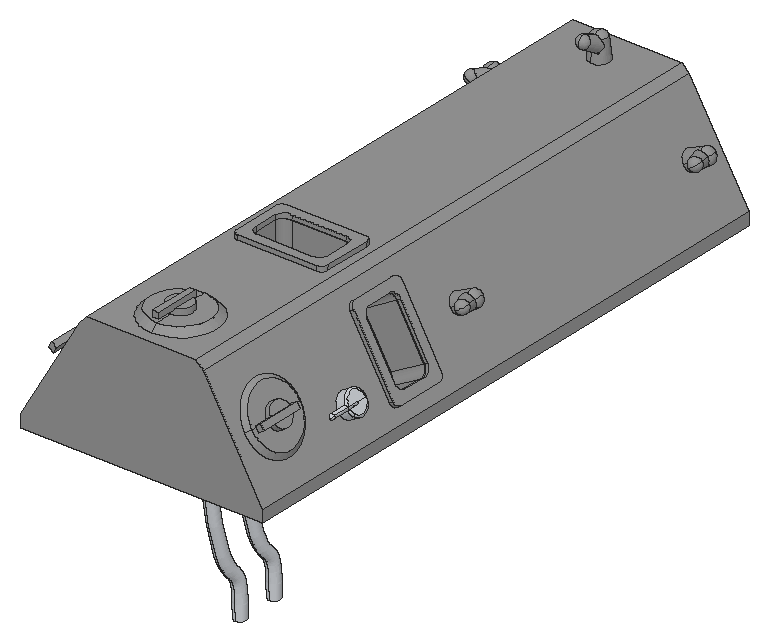
Revit family "3_Station_Surface_Shower-Willoughby-CWTS-HCA", category Plumbing Fixtures, Revit 2015
Parameters (values of type "Standard")
  Waste Connection = no
  Vent Connection = yes
  URL = "https://www.willoughby-ind.com/wp-content/uploads/2018/01/CWTS-HCA.pdf"
  Revision = "A"
  Model = "CWTS-HCA-R"
  Manufacturer = "Willoughby Industries"
  HW Connection = yes
  HCW DIA = 1/2"
  Fixture Body = Stainless Steel AISI 304-Willoughby
  Description = "Handicap Accessible 3 Station Surface Shower, Right Hand HCA Shower Station"
  Default Elevation = 0' - 0"
  Contact = "(800) 428-4065"
  CW Connection = yes
Reference planes (in)
  plane 1 "Center (Front/Back)": y = 0
  plane 2: z = 0
  plane 3 "Center (Left/Right)": x = 0
  plane 4 "Unit Left": x = -10
  plane 5 "Unit Right": x = 10
  plane 6: x = -4.5
  plane 7: x = 4.5
  plane 8: z = 9.5
  plane 9 "Shower HGT": y = 69.875
  plane 10 "Top Of Unit": y = 74.875
  plane 11 "Bottom Of Unit": y = 50.875
  plane 12: y = 54.875
  plane 13: y = 58.875
  plane 14: y = 98
  plane 15: y = 72
  plane 16: y = 98
  plane 17: through (7.54626, 0, 5.25) normal (-0.5, 0, 0.866)
  plane 18: through (-7.54626, 0, 5.25) normal (0.5, 0, 0.866)
  plane 19: y = 98
  plane 20: y = 74
Forms (in)
  Extrusion 1, solid, material "Stainless Steel AISI 304-Willoughby" <- "Fixture Body"
    sketch origin (0, 50.875, 0) x (-1, 0, 0) y (0, 0, 1)
      loop
        line (-10, 0) -> (10, 0) -> (10, 1) -> (5.09252, 9.5) -> (4.5, 10.09252) -> (-4.5, 10.09252) -> (-5.09252, 9.5) -> (-10, 1) -> (-10, 0)
    from 0 to 50
  Revolve 2, solid, material "Stainless Steel AISI 304-Willoughby" <- "Fixture Body"
    sketch origin (0, 28.5, 9.90502) x (0, 1, 0) y (0, 0, 1)
      loop
        line (69.5, 0.1875) -> (69.5, 2.28484)
        arc (69.5, 2.28484) -> (69.12162, 2.19469) -> (68.84934, 1.91689) r 0.70187
        line (68.84934, 1.91689) -> (68.69804, 0.1875) -> (69.5, 0.1875)
      axis (69.5, 2.28484) -> (69.5, 0.1875)
    angle from 0 to 360
  Revolve 3, solid, material "Stainless Steel AISI 304-Willoughby" <- "Fixture Body"
    sketch origin (0, 28.8908, 9.77874) x (0, 1, 0) y (0, 0, 1)
      loop
        line (68.86396, 0.80717) -> (69.21616, 1.37081) -> (67.06125, 2.46981)
        arc (67.06125, 2.46981) -> (67.03111, 2.08823) -> (67.27967, 1.79714) r 0.5
        line (67.27967, 1.79714) -> (68.86396, 0.80717)
      axis (69.21616, 1.37081) -> (67.06125, 2.46981)
    angle from 0 to 360
  Extrusion 4, solid, material "Stainless Steel AISI 304-Willoughby" <- "Fixture Body", detail levels medium+fine
    sketch origin (0, 11.375, 9.90502) x (1, 0, 0) y (0, 1, 0)
      loop
        arc (-3.75, 54) -> (-3.60355, 53.64645) -> (-3.25, 53.5) r 0.5
        line (-3.25, 53.5) -> (3.25, 53.5)
        arc (3.25, 53.5) -> (3.60355, 53.64645) -> (3.75, 54) r 0.5
        line (3.75, 54) -> (3.75, 58)
        arc (3.75, 58) -> (3.60355, 58.35355) -> (3.25, 58.5) r 0.5
        line (3.25, 58.5) -> (-3.25, 58.5)
        arc (-3.25, 58.5) -> (-3.60355, 58.35355) -> (-3.75, 58) r 0.5
        line (-3.75, 58) -> (-3.75, 54)
      loop
        arc (-3, 55) -> (-2.78033, 54.46967) -> (-2.25, 54.25) r 0.75
        line (-2.25, 54.25) -> (2.25, 54.25)
        arc (2.25, 54.25) -> (2.78033, 54.46967) -> (3, 55) r 0.75
        line (3, 55) -> (3, 57)
        arc (3, 57) -> (2.78033, 57.53033) -> (2.25, 57.75) r 0.75
        line (2.25, 57.75) -> (-2.25, 57.75)
        arc (-2.25, 57.75) -> (-2.78033, 57.53033) -> (-3, 57) r 0.75
        line (-3, 57) -> (-3, 55)
    from 0.1875 to 0.5625
  Extrusion 5, void
    sketch origin (0, 11.375, 9.90502) x (1, 0, 0) y (0, 1, 0)
      loop
        line (-3, 57) -> (-3, 55)
        arc (-3, 55) -> (-2.78033, 54.46967) -> (-2.25, 54.25) r 0.75
        line (-2.25, 54.25) -> (2.25, 54.25)
        arc (2.25, 54.25) -> (2.78033, 54.46967) -> (3, 55) r 0.75
        line (3, 55) -> (3, 57)
        arc (3, 57) -> (2.78033, 57.53033) -> (2.25, 57.75) r 0.75
        line (2.25, 57.75) -> (-2.25, 57.75)
        arc (-2.25, 57.75) -> (-2.78033, 57.53033) -> (-3, 57) r 0.75
    from 0.5625 to -3
  Revolve 6, solid, material "Stainless Steel AISI 304-Willoughby" <- "Fixture Body"
    sketch origin (0, -6.625, 0.59252) x (0, 1, 0) y (0, 0, 1)
      loop
        line (61.5, 9.5) -> (61.5, 10.5) -> (60.5, 10.5) -> (60.5, 10.03033) -> (59.03033, 10.03033) -> (58.5, 9.5) -> (61.5, 9.5)
      axis (61.5, 10.5) -> (61.5, 9.5)
    angle from 0 to 360
  Extrusion 7, solid, material "Stainless Steel AISI 304-Willoughby" <- "Fixture Body"
    sketch origin (0, -6.625, 0.45747) x (0, 1, 0) y (0, 0, 1)
      loop
        line (62.5, 10.5) -> (62.75, 10.5) -> (62.75, 11) -> (59, 11) -> (59, 10.5) -> (62.5, 10.5)
    from -0.25 to 0.25
  Revolve 8, solid, material "Stainless Steel AISI 304-Willoughby" <- "Fixture Body"
    sketch origin (7.38388, 28.5, 5.15625) x (0, 1, 0) y (0.866025, 0, 0.5)
      loop
        line (69.5, 0.1875) -> (69.5, 2.28484)
        arc (69.5, 2.28484) -> (69.12162, 2.19469) -> (68.84934, 1.91689) r 0.70187
        line (68.84934, 1.91689) -> (68.69804, 0.1875) -> (69.5, 0.1875)
      axis (69.5, 2.28484) -> (69.5, 0.1875)
    angle from 0 to 360
  Revolve 9, solid, material "Stainless Steel AISI 304-Willoughby" <- "Fixture Body"
    sketch origin (7.27452, 28.8908, 5.09311) x (0, 1, 0) y (0.866025, 0, 0.5)
      loop
        line (68.86396, 0.80717) -> (69.21616, 1.37081) -> (67.06125, 2.46981)
        arc (67.06125, 2.46981) -> (67.03111, 2.08823) -> (67.27967, 1.79714) r 0.5
        line (67.27967, 1.79714) -> (68.86396, 0.80717)
      axis (69.21616, 1.37081) -> (67.06125, 2.46981)
    angle from 0 to 360
  Extrusion 10, solid, material "Stainless Steel AISI 304-Willoughby" <- "Fixture Body", detail levels medium+fine
    sketch origin (7.38388, 11.375, 5.15625) x (0.5, 0, -0.866025) y (0, 1, 0)
      loop
        arc (-3.75, 54) -> (-3.60355, 53.64645) -> (-3.25, 53.5) r 0.5
        line (-3.25, 53.5) -> (3.25, 53.5)
        arc (3.25, 53.5) -> (3.60355, 53.64645) -> (3.75, 54) r 0.5
        line (3.75, 54) -> (3.75, 58)
        arc (3.75, 58) -> (3.60355, 58.35355) -> (3.25, 58.5) r 0.5
        line (3.25, 58.5) -> (-3.25, 58.5)
        arc (-3.25, 58.5) -> (-3.60355, 58.35355) -> (-3.75, 58) r 0.5
        line (-3.75, 58) -> (-3.75, 54)
      loop
        arc (-3, 55) -> (-2.78033, 54.46967) -> (-2.25, 54.25) r 0.75
        line (-2.25, 54.25) -> (2.25, 54.25)
        arc (2.25, 54.25) -> (2.78033, 54.46967) -> (3, 55) r 0.75
        line (3, 55) -> (3, 57)
        arc (3, 57) -> (2.78033, 57.53033) -> (2.25, 57.75) r 0.75
        line (2.25, 57.75) -> (-2.25, 57.75)
        arc (-2.25, 57.75) -> (-2.78033, 57.53033) -> (-3, 57) r 0.75
        line (-3, 57) -> (-3, 55)
    from 0.1875 to 0.5625
  Extrusion 11, void
    sketch origin (7.38388, 11.375, 5.15625) x (0.5, 0, -0.866025) y (0, 1, 0)
      loop
        line (-3, 57) -> (-3, 55)
        arc (-3, 55) -> (-2.78033, 54.46967) -> (-2.25, 54.25) r 0.75
        line (-2.25, 54.25) -> (2.25, 54.25)
        arc (2.25, 54.25) -> (2.78033, 54.46967) -> (3, 55) r 0.75
        line (3, 55) -> (3, 57)
        arc (3, 57) -> (2.78033, 57.53033) -> (2.25, 57.75) r 0.75
        line (2.25, 57.75) -> (-2.25, 57.75)
        arc (-2.25, 57.75) -> (-2.78033, 57.53033) -> (-3, 57) r 0.75
    from 0.5625 to -3
  Revolve 12, solid, material "Stainless Steel AISI 304-Willoughby" <- "Fixture Body"
    sketch origin (-0.79794, -6.625, 0.43247) x (0, 1, 0) y (0.866025, 0, 0.5)
      loop
        line (61.5, 9.5) -> (61.5, 10.5) -> (60.5, 10.5) -> (60.5, 10.03033) -> (59.03033, 10.03033) -> (58.5, 9.5) -> (61.5, 9.5)
      axis (61.5, 10.5) -> (61.5, 9.5)
    angle from 0 to 360
  Extrusion 13, solid, material "Stainless Steel AISI 304-Willoughby" <- "Fixture Body"
    sketch origin (-0.79794, -6.625, 0.43247) x (0, 1, 0) y (0.866025, 0, 0.5)
      loop
        line (62.5, 10.5) -> (62.75, 10.5) -> (62.75, 11) -> (59, 11) -> (59, 10.5) -> (62.5, 10.5)
    from -0.25 to 0.25
  Revolve 14, solid, material "Stainless Steel AISI 304-Willoughby" <- "Fixture Body"
    sketch origin (-7.38388, 28.5, 5.15625) x (0, 1, 0) y (0.866025, 0, -0.5)
      loop
        line (69.5, -0.1875) -> (68.69804, -0.1875) -> (68.84934, -1.91689)
        arc (68.84934, -1.91689) -> (69.12162, -2.19469) -> (69.5, -2.28484) r 0.70187
        line (69.5, -2.28484) -> (69.5, -0.1875)
      axis (69.5, -2.28484) -> (69.5, -0.1875)
    angle from 0 to 360
  Revolve 15, solid, material "Stainless Steel AISI 304-Willoughby" <- "Fixture Body"
    sketch origin (-7.27452, 28.8908, 5.09311) x (0, 1, 0) y (0.866025, 0, -0.5)
      loop
        line (68.86396, -0.80717) -> (67.27967, -1.79714)
        arc (67.27967, -1.79714) -> (67.03111, -2.08823) -> (67.06125, -2.46981) r 0.5
        line (67.06125, -2.46981) -> (69.21616, -1.37081) -> (68.86396, -0.80717)
      axis (69.21616, -1.37081) -> (67.06125, -2.46981)
    angle from 0 to 360
  Extrusion 16, solid, material "Stainless Steel AISI 304-Willoughby" <- "Fixture Body", detail levels medium+fine
    sketch origin (-7.38388, 11.375, 5.15625) x (-0.5, 0, -0.866025) y (0, -1, 0)
      loop
        line (-3.75, -54) -> (-3.75, -58)
        arc (-3.75, -58) -> (-3.60355, -58.35355) -> (-3.25, -58.5) r 0.5
        line (-3.25, -58.5) -> (3.25, -58.5)
        arc (3.25, -58.5) -> (3.60355, -58.35355) -> (3.75, -58) r 0.5
        line (3.75, -58) -> (3.75, -54)
        arc (3.75, -54) -> (3.60355, -53.64645) -> (3.25, -53.5) r 0.5
        line (3.25, -53.5) -> (-3.25, -53.5)
        arc (-3.25, -53.5) -> (-3.60355, -53.64645) -> (-3.75, -54) r 0.5
      loop
        line (-3, -55) -> (-3, -57)
        arc (-3, -57) -> (-2.78033, -57.53033) -> (-2.25, -57.75) r 0.75
        line (-2.25, -57.75) -> (2.25, -57.75)
        arc (2.25, -57.75) -> (2.78033, -57.53033) -> (3, -57) r 0.75
        line (3, -57) -> (3, -55)
        arc (3, -55) -> (2.78033, -54.46967) -> (2.25, -54.25) r 0.75
        line (2.25, -54.25) -> (-2.25, -54.25)
        arc (-2.25, -54.25) -> (-2.78033, -54.46967) -> (-3, -55) r 0.75
    from 0.1875 to 0.5625
  Extrusion 17, void
    sketch origin (-7.38388, 11.375, 5.15625) x (-0.5, 0, -0.866025) y (0, -1, 0)
      loop
        arc (-3, -57) -> (-2.78033, -57.53033) -> (-2.25, -57.75) r 0.75
        line (-2.25, -57.75) -> (2.25, -57.75)
        arc (2.25, -57.75) -> (2.78033, -57.53033) -> (3, -57) r 0.75
        line (3, -57) -> (3, -55)
        arc (3, -55) -> (2.78033, -54.46967) -> (2.25, -54.25) r 0.75
        line (2.25, -54.25) -> (-2.25, -54.25)
        arc (-2.25, -54.25) -> (-2.78033, -54.46967) -> (-3, -55) r 0.75
        line (-3, -55) -> (-3, -57)
    from 0.5625 to -3
  Revolve 18, solid, material "Stainless Steel AISI 304-Willoughby" <- "Fixture Body"
    sketch origin (0.79794, -6.625, 0.43247) x (0, 1, 0) y (0.866025, 0, -0.5)
      loop
        line (61.5, -9.5) -> (58.5, -9.5) -> (59.03033, -10.03033) -> (60.5, -10.03033) -> (60.5, -10.5) -> (61.5, -10.5) -> (61.5, -9.5)
      axis (61.5, -10.5) -> (61.5, -9.5)
    angle from 0 to 360
  Extrusion 19, solid, material "Stainless Steel AISI 304-Willoughby" <- "Fixture Body"
    sketch origin (0.79794, -6.625, 0.43247) x (0, 1, 0) y (0.866025, 0, -0.5)
      loop
        line (62.5, -10.5) -> (59, -10.5) -> (59, -11) -> (62.75, -11) -> (62.75, -10.5) -> (62.5, -10.5)
    from -0.25 to 0.25
  Sweep 20, solid
    path origin (0, -9.54937, 0.05681) x (0, 1, 0) y (0, 0, 1)
      loop
        spline (66.24397, 4.06332) -> (66.79783, -0.61575) -> (67.3435, -4.19488) -> (67.87276, -6.83413) -> (68.37738, -8.69359) -> (68.84913, -9.93334) -> (69.27978, -10.71345) -> (69.66111, -11.194) -> (69.98487, -11.53506) -> (70.24286, -11.89674) -> (70.42855, -12.45422) -> (70.54041, -13.42679) -> (70.57784, -15.04169)
    profile origin (0, 59.73042, -10.65664) x (0, 0.828914, 0.559375) y (1, 0, 0)
      loop
        circle (0, 0) r 0.5
  Sweep 21, solid
    path origin (0, -6.04937, 0.05681) x (0, 1, 0) y (0, 0, 1)
      loop
        spline (66.24397, 4.06332) -> (66.79783, -0.61575) -> (67.3435, -4.19488) -> (67.87276, -6.83413) -> (68.37738, -8.69359) -> (68.84913, -9.93334) -> (69.27978, -10.71345) -> (69.66111, -11.194) -> (69.98487, -11.53506) -> (70.24286, -11.89674) -> (70.42855, -12.45422) -> (70.54041, -13.42679) -> (70.57784, -15.04169)
    profile origin (0, 63.23042, -10.65664) x (0, 0.828914, 0.559375) y (1, 0, 0)
      loop
        circle (0, 0) r 0.5
  Revolve 22, solid, material "Stainless Steel AISI 304-Willoughby" <- "Fixture Body"
    sketch origin (7.38388, 4.5, 5.15625) x (0, 1, 0) y (0.866025, 0, 0.5)
      loop
        line (69.5, 0.1875) -> (69.5, 2.28484)
        arc (69.5, 2.28484) -> (69.12162, 2.19469) -> (68.84934, 1.91689) r 0.70187
        line (68.84934, 1.91689) -> (68.69804, 0.1875) -> (69.5, 0.1875)
      axis (69.5, 2.28484) -> (69.5, 0.1875)
    angle from 0 to 360
  Revolve 23, solid, material "Stainless Steel AISI 304-Willoughby" <- "Fixture Body"
    sketch origin (7.27452, 4.8908, 5.09311) x (0, 1, 0) y (0.866025, 0, 0.5)
      loop
        line (68.86396, 0.80717) -> (69.21616, 1.37081) -> (67.06125, 2.46981)
        arc (67.06125, 2.46981) -> (67.03111, 2.08823) -> (67.27967, 1.79714) r 0.5
        line (67.27967, 1.79714) -> (68.86396, 0.80717)
      axis (69.21616, 1.37081) -> (67.06125, 2.46981)
    angle from 0 to 360
  Revolve 24, solid
    sketch origin (0.57231, 63.6015, -0.98792) x (-0.75, 0.5, -0.433013) y (0.433013, 0.866025, 0.25)
      loop
        line (-9.04481, 2.65109) -> (-8.54481, 3.51711) -> (-9.30258, 3.95461)
        arc (-9.30258, 3.95461) -> (-9.39744, 3.9671) -> (-9.47334, 3.90886) r 0.125
        line (-9.47334, 3.90886) -> (-9.91084, 3.15109) -> (-9.04481, 2.65109)
      axis (-9.04481, 2.65109) -> (-9.91084, 3.15109)
    angle from 0 to 360
  Revolve 25, solid
    sketch origin (0.57231, 63.6015, -0.98792) x (-0.75, 0.5, -0.433013) y (0.433013, 0.866025, 0.25)
      loop
        line (-9.74884, 3.05756) -> (-9.91122, 3.15131) -> (-10.41122, 2.28528) -> (-11.09872, 1.09449)
        arc (-11.09872, 1.09449) -> (-11.11745, 0.95222) -> (-11.03009, 0.83837) r 0.1875
        line (-11.03009, 0.83837) -> (-9.74884, 3.05756)
      axis (-9.74884, 3.05756) -> (-11.03009, 0.83837)
    angle from 0 to 360
Cuts and joins
  Extrusion 5, Extrusion 11, Extrusion 17 cuts Extrusion 1
  Extrusion 5, Extrusion 11 cuts Extrusion 4
  Extrusion 11, Extrusion 17 cuts Extrusion 10
  Extrusion 17 cuts Extrusion 16
Lines and regions (in)
  symbolic lines, detail levels medium+fine
    curve 1: line (0.49645, 70.49382, 0) -> (0.5999, 71.4781, 0)
  symbolic lines, detail levels fine
    curve 2: line (-3.25, 63.125, 0) -> (3.25, 63.125, 0)
    curve 3: line (3.75, 62.625, 0) -> (3.75, 58.625, 0)
    curve 4: line (3.25, 58.125, 0) -> (-3.25, 58.125, 0)
    curve 5: line (-3.75, 58.625, 0) -> (-3.75, 62.625, 0)
    curve 6: line (-2.25, 62.375, 0) -> (2.25, 62.375, 0)
    curve 7: line (3, 61.625, 0) -> (3, 59.625, 0)
    curve 8: line (2.25, 58.875, 0) -> (-2.25, 58.875, 0)
    curve 9: line (-3, 59.625, 0) -> (-3, 61.625, 0)
    curve 10: arc (-3.75, 62.625, 0) -> (-3.60355, 62.97855, 0) -> (-3.25, 63.125, 0) r 0.5
    curve 11: arc (3.25, 63.125, 0) -> (3.60355, 62.97855, 0) -> (3.75, 62.625, 0) r 0.5
    curve 12: arc (3.75, 58.625, 0) -> (3.60355, 58.27145, 0) -> (3.25, 58.125, 0) r 0.5
    curve 13: arc (-3.25, 58.125, 0) -> (-3.60355, 58.27145, 0) -> (-3.75, 58.625, 0) r 0.5
    curve 14: arc (-3, 61.625, 0) -> (-2.78033, 62.15533, 0) -> (-2.25, 62.375, 0) r 0.75
    curve 15: arc (2.25, 62.375, 0) -> (2.78033, 62.15533, 0) -> (3, 61.625, 0) r 0.75
    curve 16: arc (3, 59.625, 0) -> (2.78033, 59.09467, 0) -> (2.25, 58.875, 0) r 0.75
    curve 17: arc (-2.25, 58.875, 0) -> (-2.78033, 59.09467, 0) -> (-3, 59.625, 0) r 0.75
  symbolic lines
    curve 18: line (0, 50.875, 0) -> (0, 74.875, 0)
    curve 19: line (0, 74.875, 0) -> (0, 74.875, 10.09252)
    curve 20: line (0, 74.875, 10.09252) -> (0, 50.875, 10.09252)
    curve 21: line (0, 50.875, 10.09252) -> (0, 50.875, 0)
    curve 22: line (0, 50.875, 1) -> (0, 74.875, 1)
    curve 23: line (0, 50.875, 9.5) -> (0, 74.875, 9.5)
    curve 24: line (0, 63.125, 10.09252) -> (0, 63.125, 10.46752)
    curve 25: line (0, 63.125, 10.46752) -> (0, 58.125, 10.46752)
    curve 26: line (0, 58.125, 10.46752) -> (0, 58.125, 10.09252)
    curve 27: line (0, 57.875, 10.09252) -> (0, 57.34467, 10.62285)
    curve 28: line (0, 57.34467, 10.62285) -> (0, 52.40533, 10.62285)
    curve 29: line (0, 52.40533, 10.62285) -> (0, 51.875, 10.09252)
    curve 30: line (0, 55.875, 10.62285) -> (0, 55.875, 10.95747)
    curve 31: line (0, 53.875, 10.62285) -> (0, 53.875, 10.95747)
    curve 32: line (0, 53.875, 10.95747) -> (0, 52.375, 10.95747)
    curve 33: line (0, 52.375, 10.95747) -> (0, 52.375, 11.45747)
    curve 34: line (0, 52.375, 11.45747) -> (0, 56.125, 11.45747)
    curve 35: line (0, 56.125, 11.45747) -> (0, 56.125, 10.95747)
    curve 36: line (0, 56.125, 10.95747) -> (0, 55.875, 10.95747)
    curve 37: line (0, 72.80196, 10.09252) -> (0, 72.65066, 11.82191)
    curve 38: line (0, 71.19804, 10.09252) -> (0, 71.26764, 10.88802)
    curve 39: line (0, 71.26764, 10.88802) -> (0, 70.17047, 11.57588)
    curve 40: line (0, 71.59201, 12.08037) -> (0, 70.62479, 12.46672)
    curve 41: arc (0, 72.65066, 11.82191) -> (0, 72, 12.20154) -> (0, 71.34934, 11.82191) r 0.7474
    curve 42: arc (0, 70.62479, 12.46672) -> (0, 69.92599, 12.26184) -> (0, 70.17047, 11.57588) r 0.50082
    curve 43: line (0, 72.79617, 5.4068) -> (0, 72.6485, 6.16649)
    curve 44: line (0, 71.20655, 5.34847) -> (0, 71.2143, 5.39245)
    curve 45: line (0, 71.2143, 5.39245) -> (0, 70.17724, 5.76991)
    curve 46: line (0, 71.56605, 6.53737) -> (0, 70.51704, 6.70352)
    curve 47: spline (0, 70.51704, 6.70352) -> (0, 70.4031, 6.72698) -> (0, 70.28534, 6.71703) -> (0, 70.17179, 6.67434) -> (0, 70.07019, 6.60184) -> (0, 69.98747, 6.50445) -> (0, 69.92926, 6.38881) -> (0, 69.89952, 6.26281) -> (0, 69.90029, 6.13503) -> (0, 69.93151, 6.01418) -> (0, 69.99106, 5.9085) -> (0, 70.07487, 5.82518) -> (0, 70.17724, 5.76991)
    curve 48: arc (0, 72.6485, 6.16649) -> (0, 72.20813, 6.64629) -> (0, 71.56605, 6.53737) r 0.68153
    curve 49: arc (0, 72.65857, 6.1147) -> (0, 72.22724, 5.59794) -> (0, 71.56093, 5.69335) r 0.69096
    curve 50: arc (0, 71.56093, 5.69335) -> (0, 71.59887, 6.11442) -> (0, 71.56093, 6.53549) r 2.3559
    curve 51: line (0, 71.2143, 5.39245) -> (0, 71.52352, 5.27991)
    curve 52: line (0, 71.52352, 5.27991) -> (0, 71.62582, 5.27455)
    curve 53: arc (0, 71.62582, 5.27455) -> (0, 71.69267, 5.30292) -> (0, 71.71147, 5.37307) r 0.08284
    curve 54: arc (0, 71.71147, 5.37307) -> (0, 71.68871, 5.45244) -> (0, 71.65251, 5.52666) r 0.47368
    curve 55: line (0, 71.65251, 5.52666) -> (0, 71.57165, 5.68535)
    curve 56: arc (0, 72.79617, 5.4068) -> (0, 72.59448, 4.79677) -> (0, 72, 4.55302) r 0.76864
    curve 57: arc (0, 72, 4.55302) -> (0, 71.40214, 4.78085) -> (0, 71.2143, 5.39245) r 0.72888
    curve 58: arc (0, 62.375, 7.38606) -> (0, 62.1342, 7.86578) -> (0, 61.625, 8.03558) r 0.70273
    curve 59: line (0, 61.625, 8.03558) -> (0, 59.625, 8.03558)
    curve 60: arc (0, 59.625, 8.03558) -> (0, 59.12892, 7.85063) -> (0, 58.875, 7.38606) r 0.75777
    curve 61: line (0, 58.875, 7.38606) -> (0, 58.875, 3.48894)
    curve 62: arc (0, 58.875, 3.48894) -> (0, 59.10163, 2.99286) -> (0, 59.625, 2.83942) r 0.65625
    curve 63: line (0, 59.625, 2.83942) -> (0, 61.625, 2.83942)
    curve 64: arc (0, 61.625, 2.83942) -> (0, 62.12108, 3.02437) -> (0, 62.375, 3.48894) r 0.75777
    curve 65: line (0, 62.375, 3.48894) -> (0, 62.375, 7.38606)
    curve 66: line (0, 62.69199, 8.6851) -> (0, 58.625, 8.6851)
    curve 67: line (0, 58.125, 8.25208) -> (0, 58.125, 2.62292)
    curve 68: line (0, 58.625, 2.1899) -> (0, 62.625, 2.1899)
    curve 69: line (0, 63.125, 2.6899) -> (0, 63.125, 8.25208)
    curve 70: arc (0, 63.125, 8.25208) -> (0, 62.99817, 8.55827) -> (0, 62.69199, 8.6851) r 0.43301
    curve 71: arc (0, 58.625, 8.6851) -> (0, 58.27609, 8.5828) -> (0, 58.125, 8.25208) r 0.4375
    curve 72: arc (0, 58.125, 2.62292) -> (0, 58.29428, 2.3132) -> (0, 58.625, 2.1899) r 0.50518
    curve 73: arc (0, 62.625, 2.1899) -> (0, 62.97855, 2.33635) -> (0, 63.125, 2.6899) r 0.5
    curve 74: spline (0, 57.34467, 5.44764) -> (0, 57.26052, 5.99854) -> (0, 57.0138, 6.51189) -> (0, 56.62132, 6.95272) -> (0, 56.10983, 7.29097) -> (0, 55.5142, 7.50361) -> (0, 54.875, 7.57614) -> (0, 54.2358, 7.50361) -> (0, 53.64017, 7.29097) -> (0, 53.12868, 6.95272) -> (0, 52.7362, 6.51189) -> (0, 52.48948, 5.99854) -> (0, 52.40533, 5.44764)
    curve 75: spline (0, 52.40533, 5.44764) -> (0, 52.48948, 4.88997) -> (0, 52.7362, 4.37031) -> (0, 53.12868, 3.92406) -> (0, 53.64017, 3.58165) -> (0, 54.2358, 3.36639) -> (0, 54.875, 3.29298) -> (0, 55.5142, 3.36639) -> (0, 56.10983, 3.58165) -> (0, 56.62132, 3.92406) -> (0, 57.0138, 4.37031) -> (0, 57.26052, 4.88997) -> (0, 57.34467, 5.44764)
    curve 76: spline (0, 52.0291, 5.44759) -> (0, 52.1259, 4.73584) -> (0, 52.40971, 4.07259) -> (0, 52.86119, 3.50305) -> (0, 53.44958, 3.06602) -> (0, 54.13476, 2.79129) -> (0, 54.87006, 2.69759) -> (0, 55.60535, 2.79129) -> (0, 56.29054, 3.06602) -> (0, 56.87892, 3.50305) -> (0, 57.3304, 4.07259) -> (0, 57.61422, 4.73584) -> (0, 57.71102, 5.44759)
    curve 77: spline (0, 57.71102, 5.44759) -> (0, 57.61422, 6.02993) -> (0, 57.3304, 6.57259) -> (0, 56.87892, 7.03858) -> (0, 56.29054, 7.39615) -> (0, 55.60535, 7.62092) -> (0, 54.87006, 7.69759) -> (0, 54.13476, 7.62092) -> (0, 53.44958, 7.39615) -> (0, 52.86119, 7.03858) -> (0, 52.40971, 6.57259) -> (0, 52.1259, 6.02993) -> (0, 52.0291, 5.44759)
    curve 78: line (0, 56.125, 6.14898) -> (0, 52.375, 6.14898)
    curve 79: line (0, 52.375, 6.14898) -> (0, 52.375, 5.46597)
    curve 80: line (0, 52.375, 5.46597) -> (0, 56.125, 5.46597)
    curve 81: line (0, 56.125, 5.46597) -> (0, 56.125, 6.14898)
    curve 82: line (0, 56.125, 5.71597) -> (0, 52.375, 5.71597)
    curve 83: spline (0, 55.875, 5.46597) -> (0, 55.84093, 5.23747) -> (0, 55.74103, 5.02455) -> (0, 55.58211, 4.84171) -> (0, 55.375, 4.70141) -> (0, 55.13382, 4.61322) -> (0, 54.875, 4.58314) -> (0, 54.61618, 4.61322) -> (0, 54.375, 4.70141) -> (0, 54.16789, 4.84171) -> (0, 54.00897, 5.02455) -> (0, 53.90907, 5.23747) -> (0, 53.875, 5.46597)
    curve 84: spline (0, 53.875, 5.46597) -> (0, 53.90797, 5.29825) -> (0, 54.00463, 5.14196) -> (0, 54.15839, 5.00775) -> (0, 54.35877, 4.90477) -> (0, 54.59213, 4.84003) -> (0, 54.84255, 4.81795) -> (0, 55.09297, 4.84003) -> (0, 55.32632, 4.90477) -> (0, 55.52671, 5.00775) -> (0, 55.68047, 5.14196) -> (0, 55.77713, 5.29825) -> (0, 55.81009, 5.46597)
    curve 85: arc (0, 55.71829, 6.14898) -> (0, 54.87632, 6.5492) -> (0, 54.03435, 6.14898) r 1.08577
    curve 86: line (10, 50.875, 0) -> (10, 50.875, 1)
    curve 87: line (10, 50.875, 1) -> (5.09252, 50.875, 9.5)
    curve 88: line (5.09252, 50.875, 9.5) -> (4.5, 50.875, 10.09252)
    curve 89: line (4.5, 50.875, 10.09252) -> (-4.5, 50.875, 10.09252)
    curve 90: line (-4.5, 50.875, 10.09252) -> (-5.09252, 50.875, 9.5)
    curve 91: line (-5.09252, 50.875, 9.5) -> (-10, 50.875, 1)
    curve 92: line (-10, 50.875, 1) -> (-10, 50.875, 0)
    curve 93: line (-10, 50.875, 0) -> (10, 50.875, 0)
    curve 94: line (9.42126, 50.875, 2.0024) -> (9.74602, 50.875, 2.1899)
    curve 95: line (9.74602, 50.875, 2.1899) -> (5.99602, 50.875, 8.6851)
    curve 96: line (5.99602, 50.875, 8.6851) -> (5.67126, 50.875, 8.4976)
    curve 97: line (3.75, 50.875, 10.09252) -> (3.75, 50.875, 10.46752)
    curve 98: line (3.75, 50.875, 10.46752) -> (-3.75, 50.875, 10.46752)
    curve 99: line (-3.75, 50.875, 10.46752) -> (-3.75, 50.875, 10.09252)
    curve 100: line (-5.67126, 50.875, 8.4976) -> (-5.99602, 50.875, 8.6851)
    curve 101: line (-5.99602, 50.875, 8.6851) -> (-9.74602, 50.875, 2.1899)
    curve 102: line (-9.74602, 50.875, 2.1899) -> (-9.42126, 50.875, 2.0024)
    curve 103: line (7.92126, 50.875, 4.60048) -> (9.36929, 50.875, 5.55121)
    curve 104: line (8.37102, 50.875, 4.57147) -> (8.79533, 50.875, 4.81645)
    curve 105: line (8.79533, 50.875, 4.81645) -> (8.64549, 50.875, 5.07599)
    curve 106: line (7.14485, 50.875, 5.94526) -> (8.71863, 50.875, 6.67818)
    curve 107: arc (8.71863, 50.875, 6.67818) -> (9.36756, 50.875, 6.30152) -> (9.36929, 50.875, 5.55121) r 0.75333
    curve 108: arc (8.94982, 50.875, 6.6407) -> (9.65511, 50.875, 6.46754) -> (9.45243, 50.875, 5.77017) r 0.50305
    curve 109: line (2.6126, 50.875, 10.46752) -> (2.45727, 50.875, 10.62285)
    curve 110: line (2.45727, 50.875, 10.62285) -> (0.74353, 50.875, 10.62285)
    curve 111: line (1, 50.875, 10.62285) -> (1, 50.875, 11.09252)
    curve 112: line (0.79779, 50.875, 10.09252) -> (0.65066, 50.875, 11.82191)
    curve 113: line (-0.79996, 50.875, 10.09252) -> (-0.65066, 50.875, 11.82191)
    curve 114: line (-0.71363, 50.875, 11.09252) -> (-1, 50.875, 11.09252)
    curve 115: line (-1, 50.875, 11.09252) -> (-1, 50.875, 10.62285)
    curve 116: line (1, 50.875, 11.09252) -> (0.71271, 50.875, 11.09252)
    curve 117: line (-0.75418, 50.875, 10.62285) -> (-2.46967, 50.875, 10.62285)
    curve 118: line (-2.46967, 50.875, 10.62285) -> (-2.625, 50.875, 10.46752)
    curve 119: line (-2.46967, 50.875, 10.62285) -> (-2.625, 50.875, 10.46752)
    curve 120: arc (0.65066, 50.875, 11.82191) -> (0, 50.875, 12.19591) -> (-0.65066, 50.875, 11.82191) r 0.75299
    curve 121: arc (0.51122, 50.875, 11.99577) -> (0, 50.875, 12.50699) -> (-0.51122, 50.875, 11.99577) r 0.51122
    curve 122: line (-7.79533, 50.875, 6.5485) -> (-7.37102, 50.875, 6.30353)
    curve 123: line (-7.79533, 50.875, 6.5485) -> (-7.93047, 50.875, 6.31443)
    curve 124: line (-7.93047, 50.875, 6.31443) -> (-8.71863, 50.875, 6.67818)
    curve 125: line (-8.79533, 50.875, 4.81645) -> (-8.65857, 50.875, 5.05333)
    curve 126: line (-8.79533, 50.875, 4.81645) -> (-8.37102, 50.875, 4.57147)
    curve 127: line (-8.65857, 50.875, 5.05333) -> (-9.36929, 50.875, 5.55121)
    curve 128: arc (-9.36929, 50.875, 5.55121) -> (-9.36713, 50.875, 6.30128) -> (-8.71863, 50.875, 6.67818) r 0.75383
    curve 129: arc (-8.94302, 50.875, 6.64266) -> (-9.64939, 50.875, 6.46424) -> (-9.45071, 50.875, 5.7633) r 0.50791
    curve 130: arc (-3, 54.875, 0) -> (0, 57.875, 0) -> (3, 54.875, 0) r 3
    curve 131: arc (3, 54.875, 0) -> (0, 51.875, 0) -> (-3, 54.875, 0) r 3
    curve 132: circle (0, 54.875, 0) r 2.46967 normal (0, 0, 1)
    curve 133: circle (0, 54.875, 0) r 1 normal (0, 0, 1)
    curve 134: line (-0.25, 56.125, 0) -> (0.25, 56.125, 0)
    curve 135: line (0.25, 56.125, 0) -> (0.25, 52.375, 0)
    curve 136: line (0.25, 52.375, 0) -> (-0.25, 52.375, 0)
    curve 137: line (-0.25, 52.375, 0) -> (-0.25, 56.125, 0)
    curve 138: line (6.24602, 63.125, 0) -> (9.49602, 63.125, 0)
    curve 139: line (9.74602, 62.625, 0) -> (9.74602, 58.625, 0)
    curve 140: line (9.49602, 58.125, 0) -> (5.92126, 58.125, 0)
    curve 141: line (5.67126, 58.625, 0) -> (5.67126, 62.625, 0)
    curve 142: line (5.99602, 62.625, 0) -> (5.99602, 58.625, 0)
    curve 143: line (9.42126, 58.625, 0) -> (9.42126, 62.625, 0)
    curve 144: line (8.67126, 58.875, 0) -> (6.74602, 58.875, 0)
    curve 145: line (5.92126, 63.125, 0) -> (6.24602, 63.125, 0)
    curve 146: arc (9.49602, 63.125, 0) -> (9.59756, 63.07229, 0) -> (9.67023, 62.98393, 0) r 0.28533
    curve 147: arc (9.67023, 62.98393, 0) -> (9.73326, 62.80977, 0) -> (9.74602, 62.625, 0) r 0.66759
    curve 148: arc (9.42126, 62.625, 0) -> (9.39932, 62.81762, 0) -> (9.3346, 63.00036, 0) r 0.85626
    curve 149: arc (9.3346, 63.00036, 0) -> (9.26769, 63.08203, 0) -> (9.17126, 63.125, 0) r 0.229
    curve 150: arc (5.67126, 62.625, 0) -> (5.69346, 62.81982, 0) -> (5.75891, 63.00465, 0) r 0.86605
    curve 151: arc (5.75891, 63.00465, 0) -> (5.82539, 63.08465, 0) -> (5.92126, 63.125, 0) r 0.21919
    curve 152: arc (5.99602, 62.625, 0) -> (6.01544, 62.80974, 0) -> (6.07284, 62.98641, 0) r 0.88857
    curve 153: arc (6.07284, 62.98641, 0) -> (6.14258, 63.07676, 0) -> (6.24602, 63.125, 0) r 0.24155
    curve 154: arc (9.67044, 58.26944, 0) -> (9.72823, 58.44297, 0) -> (9.74602, 58.625, 0) r 0.81795
    curve 155: arc (9.67044, 58.26944, 0) -> (9.5996, 58.17746, 0) -> (9.49602, 58.125, 0) r 0.2627
    curve 156: arc (9.42126, 58.625, 0) -> (9.40199, 58.44166, 0) -> (9.34503, 58.26634, 0) r 0.8818
    curve 157: arc (9.34503, 58.26634, 0) -> (9.2794, 58.17765, 0) -> (9.18243, 58.125, 0) r 0.25488
    curve 158: arc (5.99602, 58.625, 0) -> (6.01489, 58.44543, 0) -> (6.07069, 58.2737, 0) r 0.86369
    curve 159: arc (6.07069, 58.2737, 0) -> (6.1414, 58.17936, 0) -> (6.24602, 58.125, 0) r 0.2651
    curve 160: arc (5.67126, 58.625, 0) -> (5.69606, 58.42301, 0) -> (5.76899, 58.23302, 0) r 0.83493
    curve 161: arc (5.76899, 58.23302, 0) -> (5.83234, 58.16098, 0) -> (5.92126, 58.125, 0) r 0.20814
    curve 162: spline (7.4293, 57.875, 0) -> (7.04108, 57.77278, 0) -> (6.6793, 57.47308, 0) -> (6.36864, 56.99632, 0) -> (6.13027, 56.375, 0) -> (5.98042, 55.65146, 0) -> (5.9293, 54.875, 0) -> (5.98042, 54.09854, 0) -> (6.13027, 53.375, 0) -> (6.36864, 52.75368, 0) -> (6.6793, 52.27692, 0) -> (7.04108, 51.97722, 0) -> (7.4293, 51.875, 0)
    curve 163: spline (7.4293, 51.875, 0) -> (7.86195, 51.97722, 0) -> (8.2651, 52.27692, 0) -> (8.6113, 52.75368, 0) -> (8.87695, 53.375, 0) -> (9.04395, 54.09854, 0) -> (9.10091, 54.875, 0) -> (9.04395, 55.65146, 0) -> (8.87695, 56.375, 0) -> (8.6113, 56.99632, 0) -> (8.2651, 57.47308, 0) -> (7.86195, 57.77278, 0) -> (7.4293, 57.875, 0)
    curve 164: spline (7.88858, 57.34467, 0) -> (7.56506, 57.26052, 0) -> (7.26358, 57.0138, 0) -> (7.0047, 56.62132, 0) -> (6.80605, 56.10983, 0) -> (6.68118, 55.5142, 0) -> (6.63858, 54.875, 0) -> (6.68118, 54.2358, 0) -> (6.80605, 53.64017, 0) -> (7.0047, 53.12868, 0) -> (7.26358, 52.7362, 0) -> (7.56506, 52.48948, 0) -> (7.88858, 52.40533, 0)
    curve 165: spline (7.88858, 55.875, 0) -> (7.75917, 55.84093, 0) -> (7.63858, 55.74103, 0) -> (7.53503, 55.58211, 0) -> (7.45557, 55.375, 0) -> (7.40562, 55.13382, 0) -> (7.38858, 54.875, 0) -> (7.40562, 54.61618, 0) -> (7.45557, 54.375, 0) -> (7.53503, 54.16789, 0) -> (7.63858, 54.00897, 0) -> (7.75917, 53.90907, 0) -> (7.88858, 53.875, 0)
    curve 166: spline (8.17033, 55.82644, 0) -> (8.07207, 55.79382, 0) -> (7.9805, 55.69818, 0) -> (7.90187, 55.54605, 0) -> (7.84153, 55.34778, 0) -> (7.8036, 55.1169, 0) -> (7.79067, 54.86913, 0) -> (7.8036, 54.62136, 0) -> (7.84153, 54.39048, 0) -> (7.90187, 54.19221, 0) -> (7.9805, 54.04008, 0) -> (8.07207, 53.94444, 0) -> (8.17033, 53.91183, 0)
    curve 167: line (8.17033, 56.125, 0) -> (8.85334, 56.125, 0)
    curve 168: line (8.85334, 56.125, 0) -> (8.85334, 52.375, 0)
    curve 169: line (8.85334, 52.375, 0) -> (8.17033, 52.375, 0)
    curve 170: line (8.17033, 52.375, 0) -> (8.17033, 56.125, 0)
    curve 171: line (8.60334, 56.125, 0) -> (8.60334, 52.375, 0)
    curve 172: line (-6.24602, 63.125, 0) -> (-9.49602, 63.125, 0)
    curve 173: line (-9.74602, 62.625, 0) -> (-9.74602, 58.625, 0)
    curve 174: line (-9.49602, 58.125, 0) -> (-5.92126, 58.125, 0)
    curve 175: line (-5.67126, 58.625, 0) -> (-5.67126, 62.625, 0)
    curve 176: line (-5.99602, 62.625, 0) -> (-5.99602, 58.625, 0)
    curve 177: line (-9.42126, 58.625, 0) -> (-9.42126, 62.625, 0)
    curve 178: arc (-9.49602, 63.125, 0) -> (-9.59756, 63.07229, 0) -> (-9.67023, 62.98393, 0) r 0.28533
    curve 179: arc (-9.67023, 62.98393, 0) -> (-9.73326, 62.80977, 0) -> (-9.74602, 62.625, 0) r 0.66759
    curve 180: arc (-9.42126, 62.625, 0) -> (-9.39932, 62.81762, 0) -> (-9.3346, 63.00036, 0) r 0.85626
    curve 181: arc (-9.3346, 63.00036, 0) -> (-9.26769, 63.08203, 0) -> (-9.17126, 63.125, 0) r 0.229
    curve 182: arc (-5.67126, 62.625, 0) -> (-5.69346, 62.81982, 0) -> (-5.75891, 63.00465, 0) r 0.86605
    curve 183: arc (-5.75891, 63.00465, 0) -> (-5.82539, 63.08465, 0) -> (-5.92126, 63.125, 0) r 0.21919
    curve 184: arc (-5.99602, 62.625, 0) -> (-6.01544, 62.80974, 0) -> (-6.07284, 62.98641, 0) r 0.88857
    curve 185: arc (-6.07284, 62.98641, 0) -> (-6.14258, 63.07676, 0) -> (-6.24602, 63.125, 0) r 0.24155
    curve 186: arc (-9.67044, 58.26944, 0) -> (-9.72823, 58.44297, 0) -> (-9.74602, 58.625, 0) r 0.81795
    curve 187: arc (-9.67044, 58.26944, 0) -> (-9.5996, 58.17746, 0) -> (-9.49602, 58.125, 0) r 0.2627
    curve 188: arc (-9.42126, 58.625, 0) -> (-9.40199, 58.44166, 0) -> (-9.34503, 58.26634, 0) r 0.8818
    curve 189: arc (-9.34503, 58.26634, 0) -> (-9.2794, 58.17765, 0) -> (-9.18243, 58.125, 0) r 0.25488
    curve 190: arc (-5.99602, 58.625, 0) -> (-6.01489, 58.44543, 0) -> (-6.07069, 58.2737, 0) r 0.86369
    curve 191: arc (-6.07069, 58.2737, 0) -> (-6.1414, 58.17936, 0) -> (-6.24602, 58.125, 0) r 0.2651
    curve 192: arc (-5.67126, 58.625, 0) -> (-5.69606, 58.42301, 0) -> (-5.76899, 58.23302, 0) r 0.83493
    curve 193: arc (-5.76899, 58.23302, 0) -> (-5.83234, 58.16098, 0) -> (-5.92126, 58.125, 0) r 0.20814
    curve 194: line (7.54626, 72.80196, 0) -> (9.04396, 72.65066, 0)
    curve 195: arc (9.04396, 72.65066, 0) -> (9.44839, 72.19028, 0) -> (9.34938, 71.58553, 0) r 0.71699
    curve 196: arc (9.34938, 71.58553, 0) -> (9.49566, 71.09715, 0) -> (9.66438, 70.61605, 0) r 11.01573
    curve 197: arc (9.66438, 70.61605, 0) -> (9.70316, 70.25538, 0) -> (9.47914, 69.97006, 0) r 0.48132
    curve 198: arc (9.47914, 69.97006, 0) -> (9.06548, 69.92758, 0) -> (8.75579, 70.20509, 0) r 0.51396
    curve 199: line (8.75579, 70.20509, 0) -> (8.14138, 71.3135, 0)
    curve 200: line (8.1701, 71.26169, 0) -> (7.63661, 71.20562, 0)
    curve 201: arc (7.63661, 71.20562, 0) -> (7.51944, 71.19779, 0) -> (7.41201, 71.24522, 0) r 0.24578
    curve 202: arc (7.41201, 71.24522, 0) -> (7.198, 71.59471, 0) -> (7.13729, 72, 0) r 1.02951
    curve 203: arc (7.13729, 72, 0) -> (7.18365, 72.31093, 0) -> (7.28869, 72.60723, 0) r 1.63414
    curve 204: arc (7.28869, 72.60723, 0) -> (7.34654, 72.69625, 0) -> (7.42664, 72.76593, 0) r 0.38235
    curve 205: arc (7.42664, 72.76593, 0) -> (7.48286, 72.79586, 0) -> (7.54626, 72.80196, 0) r 0.16301
    curve 206: arc (9.34938, 71.58553, 0) -> (9.07257, 71.58604, 0) -> (8.79647, 71.56623, 0) r 3.76728
    curve 207: arc (8.79647, 71.56623, 0) -> (8.5938, 71.65437, 0) -> (8.38189, 71.71712, 0) r 1.80781
    curve 208: arc (8.38189, 71.71712, 0) -> (8.16262, 71.58719, 0) -> (8.1331, 71.33403, 0) r 0.28712
    curve 209: line (-7.54626, 72.80196, 0) -> (-9.04396, 72.65066, 0)
    curve 210: arc (-9.04396, 72.65066, 0) -> (-9.44839, 72.19028, 0) -> (-9.34938, 71.58553, 0) r 0.71699
    curve 211: arc (-9.34938, 71.58553, 0) -> (-9.49566, 71.09715, 0) -> (-9.66438, 70.61605, 0) r 11.01573
    curve 212: arc (-9.66438, 70.61605, 0) -> (-9.70316, 70.25538, 0) -> (-9.47914, 69.97006, 0) r 0.48132
    curve 213: arc (-9.47914, 69.97006, 0) -> (-9.06548, 69.92758, 0) -> (-8.75579, 70.20509, 0) r 0.51396
    curve 214: line (-8.75579, 70.20509, 0) -> (-8.14138, 71.3135, 0)
    curve 215: line (-8.1701, 71.26169, 0) -> (-7.63661, 71.20562, 0)
    curve 216: arc (-7.63661, 71.20562, 0) -> (-7.51944, 71.19779, 0) -> (-7.41201, 71.24522, 0) r 0.24578
    curve 217: arc (-7.41201, 71.24522, 0) -> (-7.198, 71.59471, 0) -> (-7.13729, 72, 0) r 1.02951
    curve 218: arc (-7.13729, 72, 0) -> (-7.18365, 72.31093, 0) -> (-7.28869, 72.60723, 0) r 1.63414
    curve 219: arc (-7.28869, 72.60723, 0) -> (-7.34654, 72.69625, 0) -> (-7.42664, 72.76593, 0) r 0.38235
    curve 220: arc (-7.42664, 72.76593, 0) -> (-7.48286, 72.79586, 0) -> (-7.54626, 72.80196, 0) r 0.16301
    curve 221: arc (-9.34938, 71.58553, 0) -> (-9.07257, 71.58604, 0) -> (-8.79647, 71.56623, 0) r 3.76728
    curve 222: arc (-8.79647, 71.56623, 0) -> (-8.5938, 71.65437, 0) -> (-8.38189, 71.71712, 0) r 1.80781
    curve 223: arc (-8.38189, 71.71712, 0) -> (-8.16262, 71.58719, 0) -> (-8.1331, 71.33403, 0) r 0.28712
    curve 224: arc (-0.60625, 71.47508, 0) -> (-0.0065, 72.80542, 0) -> (0.5999, 71.4781, 0) r 0.80127
    curve 225: arc (0.49115, 71.57325, 0) -> (0.59204, 72.26989, 0) -> (0, 72.65066, 0) r 0.65066
    curve 226: arc (0, 72.65066, 0) -> (-0.59204, 72.26989, 0) -> (-0.49116, 71.57325, 0) r 0.65066
    curve 227: arc (-0.49116, 71.57325, 0) -> (0, 71.59619, 0) -> (0.49115, 71.57325, 0) r 5.26882
    curve 228: line (-0.62975, 71.71948, 0) -> (-0.49789, 70.34783, 0)
    curve 229: line (0.62951, 71.7116, 0) -> (0.48891, 70.29449, 0)
    curve 230: arc (0.48891, 70.29449, 0) -> (-0.02743, 69.89667, 0) -> (-0.49789, 70.34783, 0) r 0.49972
    curve 231: arc (-0.62975, 71.71948, 0) -> (-0.55785, 71.64592, 0) -> (-0.48444, 71.57387, 0) r 4.96844
    curve 232: arc (0.49115, 71.57325, 0) -> (0.55791, 71.64485, 0) -> (0.62951, 71.7116, 0) r 1.39782
Dimensions and locks (in)
  aligned and locked: Extrusion 1 to level
  aligned and locked: Extrusion 1 to plane 5 "Unit Right"
  aligned and locked: plane 4 "Unit Left" to Extrusion 1
  aligned and locked: Revolve 3 sketch curve to Revolve 3 sketch curve
  aligned and locked: Revolve 6 sketch curve to Revolve 6 sketch curve  (x2)
  aligned and locked: Revolve 9 sketch curve to Revolve 9 sketch curve
  aligned and locked: Revolve 12 sketch curve to Revolve 12 sketch curve  (x2)
  aligned and locked: Revolve 15 sketch curve to Revolve 15 sketch curve
  aligned and locked: Revolve 18 sketch curve to Revolve 18 sketch curve  (x2)
  aligned and locked: Revolve 23 sketch curve to Revolve 23 sketch curve
  aligned and locked: Revolve 24 sketch curve to Revolve 24 sketch curve  (x2)
  aligned and locked: Revolve 25 sketch curve to Revolve 25 sketch curve  (x2)
Connectors (in)
  piping at (0, 61.02847, -14.98488), diameter 0.5, driven by "HCW DIA", driven by "CW Connection"
    settings: on Sweep 20, index 1, connector inside diameter 24", connector length 0' - 0", flow factor 0, pipe flow 0 GPM, pressure drop 0.00 psi, fitting loss kfactor 0, connector angle 0.00°, fixture units 0, engagement length 0' - 0", angle of deflection 0.00°, flow configuration 0, flow direction 1, fitting loss method 0, system type 20, joint type 0, gender type 0, connector reference index -1, connector utility 1, adjustable connector no, is connector primary yes, connector description "CW Inlet"
  piping at (0, 64.52847, -14.98488), diameter 0.5, driven by "HCW DIA", driven by "HW Connection"
    settings: on Sweep 21, index 2, connector inside diameter 24", connector length 0' - 0", flow factor 0, pipe flow 0 GPM, pressure drop 0.00 psi, fitting loss kfactor 0, connector angle 0.00°, fixture units 0, engagement length 0' - 0", angle of deflection 0.00°, flow configuration 0, flow direction 1, fitting loss method 0, system type 19, joint type 0, gender type 0, connector reference index -1, connector utility 1, adjustable connector no, is connector primary no, connector description "HW Inlet"
